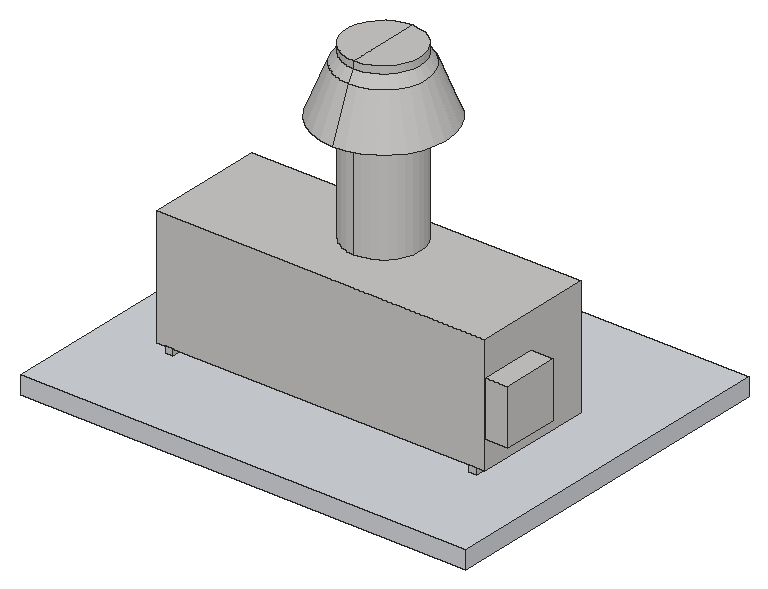
Revit family "DC_Rheem_PLM_Raypak_B1922ID", category Plumbing Fixtures, host Face, Revit 2020
Family settings
  Host = Face
  Round Connector Dimension = Use Radius
  Part Type = Normal
  Cut with Voids When Loaded = No
  Shared = No
  Room Calculation Point = No
Parameters
  Width_ANZRS = 825 mm
  URL = "http://www.rheem.com.au/downloads/PDF/Raypak_Mechanical_Heating_Brochure_July_09.pdf\r\n"
  Type Comments = "Recovery 7396L/h @ 50°C rise\r\n"
  Materials_ANZRS = Raypak - Grey Powder Coated Steel
  PRV_ANZRS = 15 mm
  Model = "B1922NCO/ID\r\n"
  HotWaterOutletRadius_ANZRS = 32.5 mm
  HotWaterOutletDiameter_ANZRS = HotWaterOutletRadius_ANZRS * 2  # 65 mm
  Height_ANZRS = 2060 mm
  GasInletRadius_ANZRS = 25 mm
  GasInletHeight_ANZRS = 410 mm
  GasInletDiameter_ANZRS = GasInletRadius_ANZRS * 2  # 50 mm
  DesignBy_ANZRS = "Design Content ©"
  Description = "Raypak - Gas Water Heater- Indoor - 1926 MJ/h  Natural gas, On/Off gas control\r\n"
  Default Elevation = 0 mm
  ConnectionHeight_ANZRS = 755 mm
  ColdWaterInletRadius_ANZRS = 32.5 mm
  ColdWaterInletDiameter_ANZRS = ColdWaterInletRadius_ANZRS * 2  # 65 mm
  Box Height_ANZRS = 860 mm
  Author_ANZRS = "DM"
  Assembly Code = ""
Types (5, lengths in mm): name | URL | Type Comments | Model | Height_ANZRS | GasInletRadius_ANZRS | GasInletDiameter_ANZRS | Description
  (no name) | "http://www.rheem.com.au/downloads/PDF/Raypak_Mechanical_Heating_Brochure_July_09.pdf\r\n" | "Recovery 7396L/h @ 50°C rise\r\n" | "B1922NCO/ID\r\n" | 2060 | 25 | 50 | "Raypak - Gas Water Heater- Indoor - 1926 MJ/h  Natural gas, On/Off gas control\r\n"
  Raypak - Gas Water Heater- Indoor - 1926 MJ/h  Natural gas, modulating gas control | "http://www.rheem.com.au/CommercialProducts" | "Recovery 7396L/h @ 50°C rise\r\n" | "B1922NCM/ID\r\n" | 2060 | 25 | 50 | "Raypak - Gas Water Heater- Indoor - 1926 MJ/h  Natural gas, modulating gas control"
  Raypak - Gas Water Heater- Indoor - 1926 MJ/h  Natural gas, On/Off gas control | "http://www.rheem.com.au/CommercialProducts" | "Recovery 7396L/h @ 50°C rise\r\n" | "B1922NCO/ID\r\n" | 2060 | 25 | 50 | "Raypak - Gas Water Heater- Indoor - 1926 MJ/h  Natural gas, On/Off gas control\r\n"
  Raypak - Gas Water Heater- Indoor - 1772 MJ/h  Propane gas, modulating gas control | "http://www.rheem.com.au/CommercialProducts" | "Recovery 6794L/h @ 50°C rise\r\n" | "B1922PCM/ID\r\n" | 2060 | 20 | 40 | "Raypak - Gas Water Heater- Indoor - 1772 MJ/h  Propane gas, modulating gas control\r\n\r\n"
  Raypak - Gas Water Heater- Indoor - 1772 MJ/h  Propane gas, On/Off gas control | "http://www.rheem.com.au/CommercialProducts" | "Recovery 6794L/h @ 50°C rise\r\n" | "B1922PCO/ID\r\n\r\n" | 2130 | 20 | 40 | "Raypak - Gas Water Heater- Indoor - 1772 MJ/h  Propane gas, On/Off gas control\r\n"
Reference planes
  plane 1 "Center (Front/Back)": y = 0
  plane 2: z = 0
  plane 3 "Center (Left/Right)": x = 0
  plane 4 "H1": z = 2060
  plane 5 "H5": z = 860
  plane 6 "CD 4": z = 755
  plane 7 "CD 1": z = 410
  plane 8: y = 285
  plane 9: y = -540
  plane 10 "CD 6": y = 200
  plane 11 "CD 5": y = 130
  plane 12 "CD 3": y = -150
  plane 13 "CD 2": y = -410
  plane 14: y = 252.5
  plane 15: y = -252.5
  plane 16 "W3": x = -1135
  plane 17 "W2": x = 1135
  plane 18 "W4": x = -1185
  plane 19 "L3": x = -1075
  plane 20 "L4": x = -1025
  plane 21 "L1": x = 1025
  plane 22 "L2": x = 1075
  plane 23 "H6": z = 45
  plane 24 "H8": z = 245
  plane 25 "H9": z = 625
  plane 26 "W1": x = 1295
  plane 27 "H4": z = 1609.364
  plane 28 "H3": z = 1939.164
  plane 29 "H2": z = 2011.464
  plane 30: y = -227.5
  plane 31 "X1": x = -1120
  plane 32: y = -155
Forms (mm)
  Extrusion 1, solid
    sketch origin (0, 0, 0) x (1, 0, 0) y (0, 1, 0)
      loop
        line (-1534.635, 1219.2) -> (-1534.635, -1219.2) -> (1547.338, -1219.2) -> (1547.338, 1219.2) -> (-1534.635, 1219.2)
    from 0 to -120
  Extrusion 2, solid, material "Raypak - Grey Powder Coated Steel" <- "Materials_ANZRS"
    sketch origin (0, 0, 0) x (1, 0, 0) y (0, 1, 0)
      loop
        line (-1135, 285) -> (-1135, -540) -> (1135, -540) -> (1135, 285) -> (-1135, 285)
    from 45 to 860
  Revolve 3, solid, material "Raypak - Grey Powder Coated Steel" <- "Materials_ANZRS"
    sketch origin (0, 0, 105) x (0, 1, 0) y (0, 0, 1)
      loop
        line (0, 1955) -> (-252.5, 1955) -> (-252.5, 1906.464) -> (-301.46, 1834.727) -> (-434.936, 1504.364) -> (-252.5, 1504.364) -> (-252.5, 755) -> (0, 755) -> (0, 1955)
      axis (0, 1955) -> (0, 755)
    angle from 0 to 360
  Extrusion 4, void
    sketch origin (0, 0, 0) x (0, 1, 0) y (0, 0, 1)
      loop
        circle (200, 755) r 15
      loop
        circle (130, 755) r 32.5
      loop
        circle (-150, 755) r 32.5
    from -1135 to -1120
  Extrusion 5, solid, material "Raypak - Grey Powder Coated Steel" <- "Materials_ANZRS"
    sketch origin (0, 0, 0) x (0, 1, 0) y (0, 0, 1)
      loop
        circle (-410, 410) r 25
    from -1185 to -1135
  Extrusion 6, solid, material "Raypak - Grey Powder Coated Steel" <- "Materials_ANZRS"
    sketch origin (0, 0, 0) x (1, 0, 0) y (0, 0, 1)
      loop
        line (-1025, 0) -> (-1025, 45) -> (-1075, 45) -> (-1075, 0) -> (-1025, 0)
      loop
        line (1075, 0) -> (1075, 45) -> (1025, 45) -> (1025, 0) -> (1075, 0)
    from -285 to 540
  Extrusion 7, solid, material "Raypak - Grey Powder Coated Steel" <- "Materials_ANZRS"
    sketch origin (0, 0, 0) x (1, 0, 0) y (0, 0, 1)
      loop
        line (1135, 625) -> (1135, 245) -> (1295, 245) -> (1295, 625) -> (1135, 625)
    from 155 to 540
Cuts and joins
  Extrusion 4 cuts Extrusion 2
Lines and regions (mm)
  Masking region 1
    outline origin (0, 0, 0) x (1, 0, 0) y (0, 1, 0)
      loop
        line (-1135, -540) -> (1135, -540) -> (1295, -540) -> (1295, -155) -> (1135, -155) -> (1135, 285) -> (328.549, 285)
        arc (328.549, 285) -> (180.572, 395.68) -> (0, 434.936) r 434.936
        arc (0, 434.936) -> (-180.572, 395.68) -> (-328.549, 285) r 434.936
        line (-328.549, 285) -> (-1135, 285) -> (-1135, -540)
  Masking region 2
    outline origin (0, 0, 0) x (1, 0, 0) y (0, 0, 1)
      loop
        line (-1075, 0) -> (-1025, 0) -> (-1025, 45) -> (1025, 45) -> (1025, 0) -> (1075, 0) -> (1075, 45) -> (1135, 45) -> (1135, 245) -> (1295, 245) -> (1295, 625) -> (1135, 625) -> (1135, 860) -> (252.5, 860) -> (252.5, 1609.364) -> (435.093, 1609.364) -> (301.845, 1939.164) -> (252.5, 2011.464) -> (252.5, 2060) -> (0, 2060) -> (-252.5, 2060) -> (-252.5, 2011.464) -> (-301.845, 1939.164) -> (-435.093, 1609.364) -> (-252.5, 1609.364) -> (-252.5, 860) -> (-1135, 860) -> (-1135, 45) -> (-1075, 45) -> (-1075, 0)
  Masking region 3
    outline origin (0, 0, 0) x (0, 1, 0) y (0, 0, 1)
      loop
        line (-252.5, 2060) -> (-252.5, 2011.464) -> (-301.845, 1939.164) -> (-435.093, 1609.364) -> (-252.5, 1609.364) -> (-252.5, 860) -> (-540, 860) -> (-540, 0) -> (285, 0) -> (285, 860) -> (252.5, 860) -> (252.5, 1609.364) -> (435.093, 1609.364) -> (301.845, 1939.164) -> (252.5, 2011.464) -> (252.5, 2060) -> (-252.5, 2060)
  symbolic lines, style "Rheem Raypak", detail levels fine
    curve 1: line (0, 285, 0) -> (0, 285, 860)
    curve 2: line (0, 285, 860) -> (0, -540, 860)
    curve 3: line (0, -540, 860) -> (0, -540, 0)
    curve 4: arc (0, 97.5, 755) -> (0, 130, 722.5) -> (0, 162.5, 755) r 32.5
    curve 5: arc (0, 162.5, 755) -> (0, 130, 787.5) -> (0, 97.5, 755) r 32.5
    curve 6: arc (0, 185, 755) -> (0, 200, 740) -> (0, 215, 755) r 15
    curve 7: arc (0, 215, 755) -> (0, 200, 770) -> (0, 185, 755) r 15
    curve 8: arc (0, -182.5, 755) -> (0, -150, 722.5) -> (0, -117.5, 755) r 32.5
    curve 9: arc (0, -117.5, 755) -> (0, -150, 787.5) -> (0, -182.5, 755) r 32.5
    curve 10: arc (0, -385, 410) -> (0, -410, 385) -> (0, -435, 410) r 25
    curve 11: arc (0, -435, 410) -> (0, -410, 435) -> (0, -385, 410) r 25
    curve 12: line (0, -540, 45) -> (0, 285, 45)
    curve 13: line (0, -540, 0) -> (0, 285, 0)
    curve 14: line (-252.5, 0, 2060) -> (203.249, 0, 2060)
    curve 15: line (-252.5, 0, 2011.464) -> (252.5, 0, 2011.464)
    curve 16: line (-301.845, 0, 1939.164) -> (301.845, 0, 1939.164)
    curve 17: line (-420.093, 0, 1609.364) -> (435.093, 0, 1609.364)
    curve 18: line (1135, 0, 860) -> (-1135, 0, 860)
    curve 19: line (-1135, 0, 45) -> (1135, 0, 45)
    curve 20: line (1025, 0, 0) -> (1075, 0, 0)
    curve 21: line (-1075, 0, 0) -> (-1025, 0, 0)
    curve 22: line (1295, 0, 625) -> (1135, 0, 625)
    curve 23: line (1135, 0, 245) -> (1295, 0, 245)
    curve 24: line (1295, 0, 245) -> (1295, 0, 625)
    curve 25: line (252.5, 0, 1609.364) -> (252.5, 0, 860)
    curve 26: line (-252.5, 0, 1609.364) -> (-252.5, 0, 860)
    curve 27: line (-1075, 0, 45) -> (-1075, 0, 0)
    curve 28: line (-1025, 0, 0) -> (-1025, 0, 45)
    curve 29: line (1075, 0, 0) -> (1075, 0, 45)
    curve 30: line (1025, 0, 45) -> (1025, 0, 0)
    curve 31: line (-1185, 0, 425) -> (-1185, 0, 395)
    curve 32: line (-1185, 0, 425) -> (-1135, 0, 425)
    curve 33: line (-1185, 0, 395) -> (-1135, 0, 395)
    curve 34: arc (0, -434.936, 0) -> (434.936, 0, 0) -> (0, 434.936, 0) r 434.936
    curve 35: arc (0, 434.936, 0) -> (-434.936, 0, 0) -> (0, -434.936, 0) r 434.936
    curve 36: arc (0, -252.5, 0) -> (-252.5, 0, 0) -> (0, 252.5, 0) r 252.5
    curve 37: arc (0, -301.46, 0) -> (-301.46, 0, 0) -> (0, 301.46, 0) r 301.46
    curve 38: arc (0, 252.5, 0) -> (252.5, 0, 0) -> (0, -252.5, 0) r 252.5
    curve 39: arc (0, 301.46, 0) -> (301.46, 0, 0) -> (0, -301.46, 0) r 301.46
    curve 40: line (1135, 285, 0) -> (328.549, 285, 0)
    curve 41: line (-1135, 285, 0) -> (-1135, -540, 0)
    curve 42: line (-1135, -540, 0) -> (1135, -540, 0)
    curve 43: line (1135, -540, 0) -> (1135, 285, 0)
    curve 44: line (1295, -540, 0) -> (1295, -155, 0)
    curve 45: line (1295, -155, 0) -> (1135, -155, 0)
    curve 46: line (1135, -540, 0) -> (1295, -540, 0)
    curve 47: line (-1185, -395, 0) -> (-1185, -425, 0)
    curve 48: line (-1185, -395, 0) -> (-1135, -395, 0)
    curve 49: line (-1185, -425, 0) -> (-1135, -425, 0)
    curve 50: line (0, 252.5, 1609.364) -> (0, 252.5, 860)
    curve 51: line (0, -252.5, 1609.364) -> (0, -252.5, 860)
    curve 52: line (-1135, 0, 860) -> (-1135, 0, 45)
    curve 53: line (1135, 0, 45) -> (1135, 0, 860)
    curve 54: line (-328.549, 285, 0) -> (-1135, 285, 0)
    curve 55: line (0, 252.5, 2011.464) -> (0, -252.5, 2011.464)
    curve 56: line (0, 301.845, 1939.164) -> (0, -301.845, 1939.164)
    curve 57: line (0, -252.5, 2060) -> (0, 252.5, 2060)
    curve 58: line (0, -410.093, 1609.364) -> (0, 435.093, 1609.364)
    curve 59: line (0, 252.5, 2060) -> (0, 252.5, 2011.464)
    curve 60: line (0, -252.5, 2060) -> (0, -252.5, 2011.464)
    curve 61: line (0, 435.093, 1609.364) -> (0, 301.845, 1939.164)
    curve 62: line (0, 301.845, 1939.164) -> (0, 252.5, 2011.464)
    curve 63: line (0, -435.093, 1609.364) -> (0, -301.845, 1939.164)
    curve 64: line (0, -301.845, 1939.164) -> (0, -252.5, 2011.464)
Dimensions and locks
  "Height_ANZRS": plane 4 "H1" to level
  "Box Height_ANZRS": plane 5 "H5" to level
  "ConnectionHeight_ANZRS": plane 6 "CD 4" to Extrusion 1
  "GasInletHeight_ANZRS": plane 7 "CD 1" to level
  plane 8 to plane 9 = 825 mm
  plane 8 to plane 10 "CD 6" = 85 mm
  plane 8 to plane 11 "CD 5" = 155 mm
  plane 11 "CD 5" to plane 12 "CD 3" = 280 mm
  plane 13 "CD 2" to plane 9 = 130 mm
  plane 1 "Center (Front/Back)" to plane 9 = 540 mm
  locked: plane 19 "L3" to plane 16 "W3" at 60
  locked: plane 20 "L4" to plane 19 "L3" at 50
  locked: plane 17 "W2" to plane 22 "L2" at 60
  locked: plane 22 "L2" to plane 21 "L1" at 50
  plane 23 "H6" to level = 45 mm
  plane 24 "H8" to level = 245 mm
  plane 25 "H9" to plane 24 "H8" = 380 mm
  locked: plane 17 "W2" to plane 26 "W1" at 160
  plane 4 "H1" to plane 29 "H2" to plane 28 "H3" to plane 27 "H4" = 48.536 mm locked, 72.3 mm locked, 329.8 mm locked
  equal spacing: plane 17 "W2", plane 3 "Center (Left/Right)", plane 16 "W3"
  plane 17 "W2" to plane 16 "W3" = 2270 mm
  equal spacing: plane 14, plane 1 "Center (Front/Back)", plane 15
  plane 14 to plane 15 = 505 mm
  plane 1 "Center (Front/Back)" to plane 30 = 227.5 mm
  locked: plane 16 "W3" to plane 18 "W4" at 50
  locked: plane 31 "X1" to plane 16 "W3" at 15
  "GasInletRadius_ANZRS": radius of Extrusion 5 sketch curve
  "HotWaterOutletRadius_ANZRS": radius of Extrusion 4 sketch curve
  "ColdWaterInletRadius_ANZRS": radius of Extrusion 4 sketch curve
  "PRV_ANZRS": radius of Extrusion 4 sketch curve
  aligned and locked: plane 2 to Extrusion 1
  aligned and locked: level to Extrusion 1
  aligned and locked: plane 8 to Extrusion 2 sketch curve
  aligned and locked: plane 16 "W3" to Extrusion 2 sketch curve
  aligned and locked: plane 9 to Extrusion 2 sketch curve
  aligned and locked: plane 17 "W2" to Extrusion 2 sketch curve
  aligned and locked: plane 5 "H5" to Extrusion 2
  aligned and locked: Revolve 3 sketch curve to plane 1 "Center (Front/Back)"
  aligned and locked: plane 11 "CD 5" to Extrusion 4 sketch curve
  aligned and locked: plane 10 "CD 6" to Extrusion 4 sketch curve
  aligned and locked: plane 6 "CD 4" to Extrusion 4 sketch curve  (x3)
  aligned and locked: Extrusion 4 to plane 16 "W3"
  aligned and locked: plane 7 "CD 1" to Extrusion 5 sketch curve
  aligned and locked: plane 13 "CD 2" to Extrusion 5 sketch curve
  aligned and locked: plane 16 "W3" to Extrusion 5
  aligned and locked: Extrusion 5 to plane 18 "W4"
  aligned and locked: Extrusion 2 to plane 23 "H6"
  aligned and locked: level to Extrusion 6 sketch curve  (x2)
  aligned and locked: Extrusion 6 sketch curve to plane 20 "L4"
  aligned and locked: Extrusion 6 sketch curve to plane 23 "H6"  (x2)
  aligned and locked: plane 19 "L3" to Extrusion 6 sketch curve
  aligned and locked: Extrusion 6 sketch curve to plane 22 "L2"
  aligned and locked: plane 21 "L1" to Extrusion 6 sketch curve
  aligned and locked: Extrusion 6 to plane 8
  aligned and locked: Extrusion 6 to plane 9
  aligned and locked: Extrusion 7 sketch curve to plane 25 "H9"
  aligned and locked: Extrusion 7 sketch curve to plane 26 "W1"
  aligned and locked: Extrusion 7 sketch curve to plane 24 "H8"
  aligned and locked: cut or joined group of Extrusion 2, Extrusion 4 to Extrusion 7 sketch curve
  aligned and locked: Extrusion 7 to plane 9
  aligned and locked: plane 12 "CD 3" to Extrusion 4 sketch curve
  aligned and locked: Revolve 3 sketch curve to plane 4 "H1"
  aligned and locked: plane 5 "H5" to Revolve 3 sketch curve
  aligned and locked: plane 27 "H4" to Revolve 3 sketch curve
  aligned and locked: curve 1 to cut or joined group of Extrusion 2, Extrusion 4
  aligned and locked: curve 2 to cut or joined group of Extrusion 2, Extrusion 4
  aligned and locked: curve 3 to cut or joined group of Extrusion 2, Extrusion 4
  aligned and locked: curve 4 to cut or joined group of Extrusion 2, Extrusion 4
  aligned and locked: curve 5 to cut or joined group of Extrusion 2, Extrusion 4
  aligned and locked: curve 6 to cut or joined group of Extrusion 2, Extrusion 4
  aligned and locked: curve 7 to cut or joined group of Extrusion 2, Extrusion 4
  aligned and locked: curve 8 to cut or joined group of Extrusion 2, Extrusion 4
  aligned and locked: curve 9 to cut or joined group of Extrusion 2, Extrusion 4
  aligned and locked: curve 10 to Extrusion 5
  aligned and locked: curve 11 to Extrusion 5
  aligned and locked: curve 12 to cut or joined group of Extrusion 2, Extrusion 4
  aligned and locked: curve 13 to Extrusion 6
  aligned and locked: curve 14 to Revolve 3
  aligned and locked: curve 15 to plane 29 "H2"
  aligned and locked: curve 16 to plane 28 "H3"
  aligned and locked: curve 17 to Revolve 3
  aligned and locked: curve 18 to cut or joined group of Extrusion 2, Extrusion 4
  aligned and locked: curve 19 to cut or joined group of Extrusion 2, Extrusion 4
  aligned and locked: curve 20 to Extrusion 6
  aligned and locked: curve 21 to Extrusion 6
  aligned and locked: curve 22 to Extrusion 7
  aligned and locked: curve 23 to Extrusion 7
  aligned and locked: curve 24 to Extrusion 7
  aligned and locked: plane 5 "H5" to curve 26
  aligned and locked: plane 27 "H4" to curve 26
  aligned and locked: curve 27 to Extrusion 6
  aligned and locked: curve 28 to Extrusion 6
  aligned and locked: curve 29 to Extrusion 6
  aligned and locked: curve 30 to Extrusion 6
  aligned and locked: Extrusion 5 to curve 31
  aligned and locked: curve 34 to Revolve 3
  aligned and locked: curve 35 to Revolve 3
  aligned and locked: curve 36 to Revolve 3
  aligned and locked: curve 37 to Revolve 3
  aligned and locked: curve 38 to Revolve 3
  aligned and locked: curve 39 to Revolve 3
  aligned and locked: curve 40 to cut or joined group of Extrusion 2, Extrusion 4
  aligned and locked: curve 41 to cut or joined group of Extrusion 2, Extrusion 4
  aligned and locked: curve 42 to cut or joined group of Extrusion 2, Extrusion 4
  aligned and locked: curve 43 to cut or joined group of Extrusion 2, Extrusion 4
  aligned and locked: curve 44 to Extrusion 7
  aligned and locked: curve 45 to Extrusion 7
  aligned and locked: curve 46 to Extrusion 7
  aligned and locked: Extrusion 5 to curve 47
  aligned and locked: plane 14 to curve 50
  aligned and locked: curve 51 to plane 15
  aligned and locked: Masking region 1 sketch curve to curve 42
  aligned and locked: Masking region 1 sketch curve to curve 46
  aligned and locked: Masking region 1 sketch curve to curve 44
  aligned and locked: Masking region 1 sketch curve to curve 45
  aligned and locked: curve 43 to Masking region 1 sketch curve
  aligned and locked: Masking region 1 sketch curve to curve 40
  aligned and locked: Masking region 1 sketch curve to curve 35
  aligned and locked: Masking region 1 sketch curve to curve 34
  aligned and locked: Masking region 1 sketch curve to curve 54
  aligned and locked: Masking region 1 sketch curve to curve 41
  aligned and locked: plane 29 "H2" to Revolve 3 sketch curve
  aligned and locked: Masking region 2 sketch curve to Extrusion 6  (x6)
  aligned and locked: Masking region 2 sketch curve to cut or joined group of Extrusion 2, Extrusion 4  (x4)
  aligned and locked: Masking region 2 sketch curve to curve 26
  aligned and locked: Masking region 2 sketch curve to Revolve 3  (x2)
  aligned and locked: Revolve 3 to Masking region 2 sketch curve  (x2)
  aligned and locked: Masking region 2 sketch curve to curve 25
  aligned and locked: Masking region 2 sketch curve to Extrusion 7  (x3)
  aligned and locked: Revolve 3 to Masking region 3 sketch curve
  aligned and locked: Masking region 3 sketch curve to Revolve 3
  aligned and locked: Masking region 3 sketch curve to curve 50
  aligned and locked: Masking region 3 sketch curve to cut or joined group of Extrusion 2, Extrusion 4  (x3)
  aligned and locked: Masking region 3 sketch curve to Extrusion 6
  aligned and locked: Masking region 3 sketch curve to curve 51
  aligned and locked: cut or joined group of Extrusion 2, Extrusion 4 to plane 31 "X1"
Automatic sketch dimensions
  Extrusion 1 sketch curve to Extrusion 1 sketch curve = 3081.972 mm
  Extrusion 1 sketch curve to Extrusion 1 sketch curve = 2438.4 mm
  curve 47 to plane 18 "W4" = 0 mm
  curve 48 to plane 16 "W3" = 0 mm
  plane 8 to curve 54 = 0 mm
  plane 8 to curve 40 = 0 mm
  curve 40 to plane 17 "W2" = 0 mm
  plane 1 "Center (Front/Back)" to curve 45 = 155 mm
  curve 45 to plane 26 "W1" = 0 mm
  curve 43 to plane 9 = 0 mm
  plane 13 "CD 2" to curve 49 = 15 mm
  curve 48 to plane 13 "CD 2" = 15 mm
  Masking region 1 sketch curve to plane 17 "W2" = 0 mm
  Masking region 2 sketch curve to plane 3 "Center (Left/Right)" = 0 mm
  plane 17 "W2" to Masking region 2 sketch curve = 0 mm
  Masking region 2 sketch curve to plane 23 "H6" = 0 mm  (x2)
  Masking region 2 sketch curve to plane 5 "H5" = 0 mm
  curve 31 to plane 18 "W4" = 0 mm
  curve 32 to plane 16 "W3" = 0 mm
  curve 27 to plane 19 "L3" = 0 mm
  curve 28 to plane 20 "L4" = 0 mm
  curve 30 to level = 0 mm
  curve 30 to plane 21 "L1" = 0 mm
  curve 29 to plane 22 "L2" = 0 mm
  plane 17 "W2" to curve 53 = 0 mm
  curve 24 to plane 24 "H8" = 0 mm
  curve 24 to plane 26 "W1" = 0 mm
  curve 27 to level = 0 mm
  curve 29 to plane 23 "H6" = 0 mm
  curve 24 to plane 25 "H9" = 0 mm
  plane 3 "Center (Left/Right)" to curve 14 = 203.249 mm
  plane 3 "Center (Left/Right)" to curve 25 = 252.5 mm
  curve 33 to plane 7 "CD 1" = 15 mm
  plane 7 "CD 1" to curve 32 = 15 mm
  Masking region 3 sketch curve to plane 28 "H3" = 0 mm  (x2)
  Masking region 3 sketch curve to plane 15 = 0 mm
  Masking region 3 sketch curve to plane 14 = 0 mm
  Masking region 3 sketch curve to plane 27 "H4" = 0 mm
  Masking region 3 sketch curve to plane 5 "H5" = 0 mm
  Masking region 3 sketch curve to plane 29 "H2" = 0 mm  (x2)
  plane 13 "CD 2" to Masking region 3 sketch curve = 25.093 mm
  Masking region 3 sketch curve to plane 15 = 49.345 mm
  Masking region 3 sketch curve to plane 8 = 16.845 mm
  Masking region 3 sketch curve to plane 8 = 150.093 mm
  curve 12 to plane 9 = 0 mm
  curve 63 to plane 27 "H4" = 0 mm
  curve 58 to plane 27 "H4" = 0 mm
  curve 55 to plane 15 = 0 mm
  curve 57 to plane 4 "H1" = 0 mm
  curve 57 to plane 14 = 0 mm
  curve 13 to level = 0 mm
  curve 13 to plane 8 = 0 mm
  curve 62 to plane 28 "H3" = 0 mm
  curve 3 to plane 5 "H5" = 0 mm
  curve 60 to plane 29 "H2" = 0 mm
  plane 13 "CD 2" to curve 63 = 25.093 mm
  plane 13 "CD 2" to curve 58 = 0.093 mm
  curve 56 to plane 15 = 49.345 mm
  curve 56 to plane 8 = 16.845 mm
  curve 58 to plane 8 = 150.093 mm
  curve 14 to plane 4 "H1" = 0 mm
  curve 17 to plane 3 "Center (Left/Right)" = 420.093 mm
  curve 16 to plane 3 "Center (Left/Right)" = 301.845 mm
  curve 16 to curve 15 = 49.345 mm
  curve 14 to curve 15 = 0 mm
  curve 26 to plane 3 "Center (Left/Right)" = 252.5 mm
  Masking region 2 sketch curve to plane 29 "H2" = 0 mm  (x2)
  Masking region 2 sketch curve to Masking region 2 sketch curve = 182.593 mm  (x2)
  Masking region 2 sketch curve to plane 29 "H2" = 72.3 mm
  Masking region 2 sketch curve to plane 3 "Center (Left/Right)" = 301.845 mm
  Masking region 2 sketch curve to Masking region 2 sketch curve = 49.345 mm  (x2)
  curve 14 to curve 15 = 49.251 mm
  curve 15 to curve 16 = 49.345 mm
  curve 25 to curve 17 = 182.593 mm
  Masking region 2 sketch curve to plane 28 "H3" = 0 mm
  plane 3 "Center (Left/Right)" to Masking region 2 sketch curve = 252.5 mm
  plane 28 "H3" to Revolve 3 sketch curve = 0.563 mm
  Revolve 3 sketch curve to plane 15 = 0 mm  (x2)
  Revolve 3 sketch curve to plane 1 "Center (Front/Back)" = 0 mm
  Revolve 3 sketch curve to plane 15 = 48.96 mm
  plane 13 "CD 2" to Revolve 3 sketch curve = 24.936 mm
  Revolve 3 sketch curve to Revolve 3 sketch curve = 240 mm
  Revolve 3 sketch curve to Revolve 3 sketch curve = 130 mm
Connectors
  piping at (-1185, -410, 410), diameter 50, driven by "GasInletRadius_ANZRS"
    settings: on Extrusion 5, index 3, connector inside diameter 1.9685", connector length 0 mm, flow factor 0, pipe flow 0 GPM, pressure drop 0.00 psi, fitting loss kfactor 0, connector angle 0.00°, fixture units 0, engagement length 0 mm, angle of deflection 0.00°, flow configuration 1, flow direction 1, fitting loss method 0, system type 22, joint type 0, gender type 0, connector reference index -1, connector utility 0, adjustable connector no, is connector primary yes, connector description "Gas"
  piping at (-1135, -150, 755), diameter 65, driven by "ColdWaterInletRadius_ANZRS"
    settings: on cut or joined group of Extrusion 2, Extrusion 4, index 4, connector inside diameter 2.55906", connector length 0 mm, flow factor 0, pipe flow 0 GPM, pressure drop 0.00 psi, fitting loss kfactor 0, connector angle 0.00°, fixture units 0, engagement length 0 mm, angle of deflection 0.00°, flow configuration 1, flow direction 1, fitting loss method 0, system type 20, joint type 0, gender type 0, connector reference index -1, connector utility 0, adjustable connector no, is connector primary no, connector description ""
  piping at (-1135, 130, 755), diameter 65, driven by "HotWaterOutletRadius_ANZRS"
    settings: on cut or joined group of Extrusion 2, Extrusion 4, index 5, connector inside diameter 2.55906", connector length 0 mm, flow factor 0, pipe flow 0 GPM, pressure drop 0.00 psi, fitting loss kfactor 0, connector angle 0.00°, fixture units 0, engagement length 0 mm, angle of deflection 0.00°, flow configuration 1, flow direction 2, fitting loss method 0, system type 19, joint type 0, gender type 0, connector reference index -1, connector utility 0, adjustable connector no, is connector primary no, connector description ""
  piping at (-1135, 200, 755), diameter 30
    settings: on cut or joined group of Extrusion 2, Extrusion 4, index 6, connector inside diameter 1.1811", connector length 0 mm, flow factor 0, pipe flow 0 GPM, pressure drop 0.00 psi, fitting loss kfactor 0, connector angle 0.00°, fixture units 0, engagement length 0 mm, angle of deflection 0.00°, flow configuration 1, flow direction 1, fitting loss method 0, system type 22, joint type 0, gender type 0, connector reference index -1, connector utility 0, adjustable connector no, is connector primary no, connector description "PRV"
